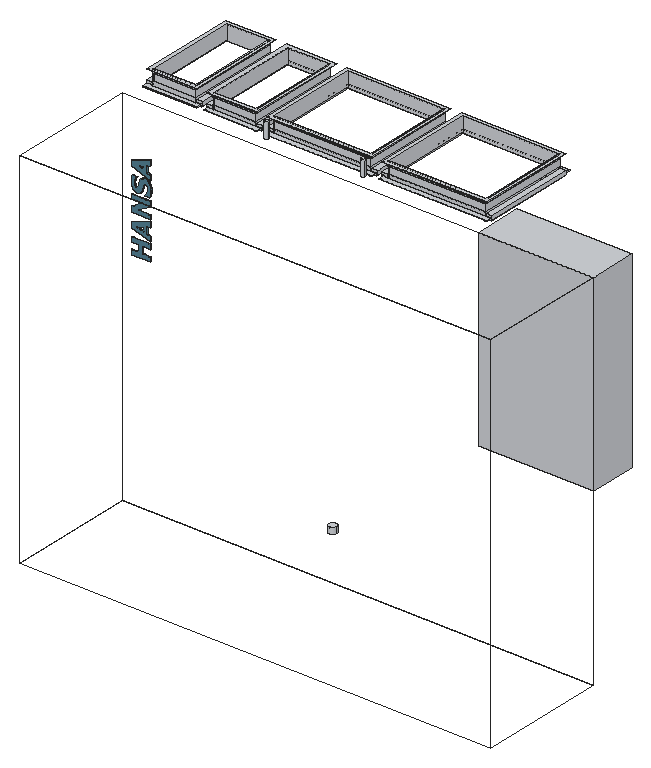
Revit family "KL-P-015-iK-L", category HLS-Bauteile, Revit 2020
Family settings
  Bemaßung runder Anschluss = Durchmesser verwenden
  Klassifizierung = Keine
  Teiletyp = Normal
  Arbeitsebenenbasiert = Nein
  Immer vertikal = Ja
  Beim Laden mit Abzugskörper schneiden = Nein
  Gemeinsam genutzt = Nein
  Raumberechnungspunkt = Nein
Parameters
  Zuluftbreite [instance] = 505 mm  # constant formula
  Vorgabe-Ansicht = 0 mm
  TyS [instance] = size_lookup("TyS_Hansa_KL_P", "", "ND", RLT_Serie, Gehaeuserichtung, Gehaeuseausfuehrung, RLT_MSR_KZ)  # "KL-P-015-iK-L-eCO"
  Schaltschrankbreite [instance] = 600 mm
  Schaltschrank_montiert [instance] = yes
  SSaG [instance] = and(or(Regelung SAIA, Regelung OJ), Schaltschrank_montiert)  # yes
  Regelung SAIA [instance] = no
  Regelung OJ [instance] = yes
  RLT_Volumenstrom_max = 1500 m³/h  # constant formula
  RLT_Volumenstrom_Unit_2 [instance] = 1500 m³/h
  RLT_Volumenstrom_Unit_1 [instance] = 1500 m³/h
  RLT_Typenschlüssel [instance] = TyS  # "KL-P-015-iK-L-eCO"
  RLT_Serie = "KL-P-015-iK"  # constant formula
  RLT_Material_außen [instance] = Stahlblech verzinkt + RAL 9002
  RLT_MSR_KZ [instance] = if(Regelung SAIA, "eCS", if(Regelung OJ, "eCO", "-"))  # "eCO"
  RLT_Länge [instance] = L  # 1860 mm
  RLT_Höhe = H  # 1790 mm
  RLT_Gewicht [instance] = size_lookup("TD_Hansa_KL_P", "Gewicht", 0 mm, TyS) / 1 mm * 1.00 kg  # 0.00 kg
  RLT_Breite = B  # 670 mm
  Modell = "KL-P-015-iK-L"  # constant formula
  L2 = 1230 mm  # constant formula
  L1 = 630 mm  # constant formula
  L = L1 + L2  # 1860 mm
  Kanaltiefe [instance] = RLT_Breite - 190 mm  # 480 mm
  Hersteller = "Hansa"  # constant formula
  H = 1790 mm  # constant formula
  GeräteOK [instance] = H + Fuß  # 1910 mm
  Gehaeuserichtung [instance] = "L"  # constant formula
  Gehaeuseausfuehrung [instance] = "ungeteilt"  # constant formula
  GD_Spannung [instance] = 230 V
  GD_Phasen [instance] = 1
  GD_Nennstrom [instance] = 0 A
  GD_Anschlussleistung [instance] = 0 W
  Fuß [instance] = 120 mm  # constant formula
  Fortluftbreite = 220 mm  # constant formula
  Bedienzone [instance] = yes
  Baugruppe [instance] = "RLT-Gerät"  # constant formula
  BZl [instance] = if(and(or(Regelung SAIA, Regelung OJ), Schaltschrank_montiert), L + Schaltschrankbreite, L)  # 2460 mm
  B = 670 mm  # constant formula
  Außenluftbreite = 220 mm  # constant formula
  Abluftbreite [instance] = 505 mm  # constant formula
Reference planes
  plane 1 "Mitte (Vorne/hinten)": y = 0
  plane 2: z = 0
  plane 3 "Mitte (Links/rechts)": x = 0
  plane 4: x = -930
  plane 5: x = 930
  plane 6 "GV": y = -335
  plane 7 "GH": y = 335
  plane 8 "OKG": z = 1910
  plane 9: y = 272.5
  plane 10: y = -312.5
  plane 11: x = -867.5
  plane 12: x = 867.5
  plane 13: x = -647.5
  plane 14: x = -552.5
  plane 15: x = -332.5
  plane 16: x = 362.5
  plane 17: x = 267.5
  plane 18: x = -237.5
  plane 19: z = 1990
  plane 20 "UKG": z = 120
  plane 21: y = -85
  plane 22: y = -125
  plane 23: z = 90
  plane 24: y = -259
  plane 25: x = -300
  plane 26: y = -1005
  plane 27: x = 1530
Forms (mm)
  Extrusion 1, solid, visible <- "SSaG"
    sketch origin (-51.559, 0, -70) x (1, 0, 0) y (0, 0, 1)
      loop
        line (981.559, 1980) -> (981.559, 980) -> (1581.559, 980) -> (1581.559, 1980) -> (981.559, 1980)
    from 335 to 85
  Extrusion 2, solid
    sketch origin (0, 0, 0) x (1, 0, 0) y (0, 1, 0)
      loop
        circle (0, -125) r 20
    from 120 to 90
  Extrusion 3, solid
    sketch origin (0, 0, 0) x (1, 0, 0) y (0, 1, 0)
      loop
        circle (-237.5, -259) r 10
      loop
        circle (267.5, -259) r 10
    from 1990 to 1910
  Extrusion 4, solid, material "Glas - klar", visible <- "Bedienzone"
    sketch origin (0, 0, 0) x (1, 0, 0) y (0, 1, 0)
      loop
        line (-930, -335) -> (-930, -1005) -> (1530, -1005) -> (1530, -335) -> (-930, -335)
    from 1910 to 0
Dimensions and locks
  equal spacing: plane 4, plane 3 "Mitte (Links/rechts)", plane 5
  "L": plane 4 to plane 5
  "B": plane 7 "GH" to plane 6 "GV"
  locked: plane 7 "GH" to plane 9 at 62.5
  locked: plane 4 to plane 11 at 62.5
  locked: plane 12 to plane 5 at 62.5
  "Fortluftbreite": plane 11 to plane 13
  locked: plane 13 to plane 14 at 95
  "Außenluftbreite": plane 14 to plane 15
  "Abluftbreite": plane 16 to plane 12
  locked: plane 17 to plane 16 at 95
  "Zuluftbreite": plane 18 to plane 17
  plane 15 to plane 18 = 95 mm
  locked: nested 3 to plane 16 at 95
  "Fuß": plane 20 "UKG" to level
  plane 19 to plane 8 "OKG" = 80 mm
  locked: plane 4 to nested 1 at 62.5
  locked: plane 13 to nested 2 at 95
  locked: nested 4 to plane 5 at 62.5
  Extrusion 1 to plane 5 = 600 mm
  "RLT_Höhe": plane 8 "OKG" to plane 20 "UKG"
  equal spacing: plane 7 "GH", plane 1 "Mitte (Vorne/hinten)", plane 6 "GV"
  locked: plane 6 "GV" to plane 21 at 250
  locked: plane 6 "GV" to plane 22 at 210
  plane 20 "UKG" to plane 23 = 30 mm
  locked: plane 24 to plane 6 "GV" at 76
  "L1": plane 4 to plane 25
  "B": plane 26 to plane 6 "GV"
  "BZl": Extrusion 4 to Extrusion 4
  "Schaltschrankbreite": plane 5 to plane 27
  aligned and locked: level to plane 2
  aligned and locked: Extrusion 1 to plane 5
  aligned and locked: Extrusion 1 to plane 8 "OKG"
  aligned and locked: plane 6 "GV" to Extrusion 1
  aligned and locked: plane 21 to Extrusion 1
  aligned and locked: plane 20 "UKG" to Extrusion 2
  aligned and locked: Extrusion 2 to plane 23
  aligned and locked: Extrusion 3 to plane 8 "OKG"
  aligned and locked: plane 19 to Extrusion 3
  aligned and locked: plane 4 to Extrusion 4
  aligned and locked: Extrusion 4 to plane 6 "GV"
  aligned and locked: Extrusion 4 to plane 26
  aligned and locked: plane 8 "OKG" to Extrusion 4
  aligned and locked: plane 27 to Extrusion 1
  aligned and locked: plane 7 "GH" to nested 6
  aligned and locked: plane 4 to nested 6
Automatic sketch dimensions
  plane 5 to Extrusion 1 sketch curve = 0 mm
  Extrusion 1 sketch curve to plane 8 "OKG" = 0 mm
  plane 5 to Extrusion 1 sketch curve = 600 mm
  plane 20 "UKG" to Extrusion 1 sketch curve = 790 mm
  Extrusion 2 sketch curve to plane 3 "Mitte (Links/rechts)" = 0 mm
  Extrusion 2 sketch curve to plane 22 = 0 mm
  Extrusion 3 sketch curve to plane 18 = 0 mm
  Extrusion 3 sketch curve to plane 17 = 0 mm
  Extrusion 3 sketch curve to plane 24 = 0 mm  (x2)
  Extrusion 4 sketch curve to plane 4 = 0 mm
  plane 5 to Extrusion 4 sketch curve = 600 mm
  Extrusion 4 sketch curve to plane 26 = 0 mm
  plane 6 "GV" to Extrusion 4 sketch curve = 0 mm
  radius of Extrusion 2 sketch curve = 20 mm
  radius of Extrusion 3 sketch curve = 10 mm  (x2)
Nested families
  nested 1: "Kanalstutzen" at (-757.5, 29.209, 1910) x (1, 0, 0) z (0, -1, 0), 2570_EST_Breite <- "Fortluftbreite", 2571_EST_Höhe <- "Kanaltiefe", built-in parameter 1001360 <- "GeräteOK", type "Kanalstutzen"
    with Tiefe 80 mm, RahmenG2 20 mm, RahmenG1 30 mm, Höhe 480 mm, Breite 220 mm, 2572_EST_Tiefe 80 mm, 2571_EST_Höhe 480 mm, 2570_EST_Breite 220 mm, 1966_EST_Rahmentyp ""
  nested 2: "Kanalstutzen" at (-442.5, 29.209, 1910) x (1, 0, 0) z (0, -1, 0), 2570_EST_Breite <- "Außenluftbreite", 2571_EST_Höhe <- "Kanaltiefe", built-in parameter 1001360 <- "GeräteOK", type "Kanalstutzen"
    with Tiefe 80 mm, RahmenG2 20 mm, RahmenG1 30 mm, Höhe 480 mm, Breite 220 mm, 2572_EST_Tiefe 80 mm, 2571_EST_Höhe 480 mm, 2570_EST_Breite 220 mm, 1966_EST_Rahmentyp ""
  nested 3: "Kanalstutzen" at (15, 29.209, 1910) x (1, 0, 0) z (0, -1, 0), 2570_EST_Breite <- "Zuluftbreite", 2571_EST_Höhe <- "Kanaltiefe", built-in parameter 1001360 <- "GeräteOK", type "Kanalstutzen"
    with Tiefe 80 mm, RahmenG2 20 mm, RahmenG1 30 mm, Höhe 480 mm, Breite 505 mm, 2572_EST_Tiefe 80 mm, 2571_EST_Höhe 480 mm, 2570_EST_Breite 505 mm, 1966_EST_Rahmentyp ""
  nested 4: "Kanalstutzen" at (615, 29.209, 1910) x (1, 0, 0) z (0, -1, 0), 2570_EST_Breite <- "Abluftbreite", 2571_EST_Höhe <- "Kanaltiefe", built-in parameter 1001360 <- "GeräteOK", type "Kanalstutzen"
    with Tiefe 80 mm, RahmenG2 20 mm, RahmenG1 30 mm, Höhe 480 mm, Breite 505 mm, 2572_EST_Tiefe 80 mm, 2571_EST_Höhe 480 mm, 2570_EST_Breite 505 mm, 1966_EST_Rahmentyp ""
  nested 5: "Hansa_Aufkleber_klein" at (-780, -335, 1390) x (0, 0, 1) z (0, -1, 0), type "Hansa_Aufkleber_klein"
  nested 6: "P-015-L_ipt" at (0, 0, 0), type "Norm"
Connectors
  hvac at (-757.5, 29.209, 1989), driven by "RLT_Volumenstrom_Unit_2", driven by "Fortluftbreite", driven by "Kanaltiefe"
    settings: on nested 1, index 1, duct flow 1500 m³/h, flow factor 0, pres drop 0.0 Pa, loss coef 0, conn angle 0.00°, conn width 220 mm, conn height 480 mm, conn diameter 609.6 mm, duct sys type 3, conn prof type 1, flow config 1, flow direction 2, loss method 0, conn ref index -1, conn util no, is conn primary yes, conn desc ""
  hvac at (-442.5, 29.209, 1989), driven by "RLT_Volumenstrom_Unit_1", driven by "Außenluftbreite", driven by "Kanaltiefe"
    settings: on nested 2, index 2, duct flow 1500 m³/h, flow factor 0, pres drop 0.0 Pa, loss coef 0, conn angle 0.00°, conn width 220 mm, conn height 480 mm, conn diameter 609.6 mm, duct sys type 1, conn prof type 1, flow config 1, flow direction 1, loss method 0, conn ref index -1, conn util no, is conn primary no, conn desc ""
  hvac at (15, 29.209, 1989), driven by "RLT_Volumenstrom_Unit_1", driven by "Zuluftbreite", driven by "Kanaltiefe"
    settings: on nested 3, index 3, duct flow 1500 m³/h, flow factor 0, pres drop 0.0 Pa, loss coef 0, conn angle 0.00°, conn width 505 mm, conn height 480 mm, conn diameter 609.6 mm, duct sys type 1, conn prof type 1, flow config 0, flow direction 2, loss method 0, conn ref index -1, conn util no, is conn primary no, conn desc ""
  hvac at (615, 29.209, 1989), driven by "RLT_Volumenstrom_Unit_2", driven by "Abluftbreite", driven by "Kanaltiefe"
    settings: on nested 4, index 4, duct flow 1500 m³/h, flow factor 0, pres drop 0.0 Pa, loss coef 0, conn angle 0.00°, conn width 505 mm, conn height 480 mm, conn diameter 609.6 mm, duct sys type 2, conn prof type 1, flow config 0, flow direction 1, loss method 0, conn ref index -1, conn util no, is conn primary no, conn desc ""
  piping at (0, -125, 90), diameter 40
    settings: on Extrusion 2, index 5, connector inside diameter 609.6 mm, connector length 0 mm, flow factor 0, pipe flow 0.0 L/s, pressure drop 0.0 Pa, fitting loss kfactor 0, connector angle 0.00°, fixture units 0, engagement length 0 mm, angle of deflection 0.00°, flow configuration 0, flow direction 2, fitting loss method 0, system type 16, joint type 0, gender type 0, connector reference index -1, connector utility 0, adjustable connector no, is connector primary yes, connector description ""
  piping at (-237.5, -259, 1990), diameter 20
    settings: on Extrusion 3, index 6, connector inside diameter 609.6 mm, connector length 0 mm, flow factor 0, pipe flow 0.0 L/s, pressure drop 0.0 Pa, fitting loss kfactor 0, connector angle 0.00°, fixture units 0, engagement length 0 mm, angle of deflection 0.00°, flow configuration 0, flow direction 1, fitting loss method 0, system type 7, joint type 0, gender type 0, connector reference index -1, connector utility 0, adjustable connector no, is connector primary no, connector description ""
  piping at (267.5, -259, 1990), diameter 20
    settings: on Extrusion 3, index 7, connector inside diameter 609.6 mm, connector length 0 mm, flow factor 0, pipe flow 0.0 L/s, pressure drop 0.0 Pa, fitting loss kfactor 0, connector angle 0.00°, fixture units 0, engagement length 0 mm, angle of deflection 0.00°, flow configuration 0, flow direction 2, fitting loss method 0, system type 19, joint type 0, gender type 0, connector reference index -1, connector utility 0, adjustable connector no, is connector primary no, connector description ""
Definition of nested family "Kanalstutzen"
  Parameters (values of type "Kanalstutzen")
    Default Elevation = 0 mm
    Tiefe [instance] = [2572_EST_Tiefe]  # 80 mm
    RahmenG2 [instance] = 20 mm
    RahmenG1 [instance] = 30 mm
    Höhe [instance] = [2571_EST_Höhe]  # 500 mm
    Manufacturer = "Hansa"
    Breite [instance] = [2570_EST_Breite]  # 1000 mm
    Description = "Durchbruchsverkleidung"
    2572_EST_Tiefe [instance] = 80 mm
    2571_EST_Höhe [instance] = 500 mm
    2570_EST_Breite [instance] = 1000 mm
    1966_EST_Rahmentyp [instance] = ""
  Reference planes
    plane 1 "Mitte (Vorne/hinten)": y = 0
    plane 2: z = 0
    plane 3 "Mitte (Links/rechts)": x = 0
    plane 4: x = -500
    plane 5: x = 500
    plane 6 "hinten": y = 80
    plane 7: z = 250
    plane 8: z = -250
    plane 9 "R1links": x = -530
    plane 10 "R1rechts": x = 530
    plane 11 "R2links": x = -520
    plane 12 "R2rechts": x = 520
    plane 13 "R1oben": z = 280
    plane 14 "R1unten": z = -280
    plane 15: z = -270
    plane 16: z = 270
  Forms (mm)
    Sweep 1, solid
      path origin (0, 0, 0) x (1, 0, 0) y (0, 0, 1)
        loop
          line (-500, 250) -> (-500, -250) -> (500, -250) -> (500, 250) -> (-500, 250)
      profile origin (0, 0, 250) x (0, 0, 1) y (0, -1, 0)
        loop
          line (0, -40) -> (0, -80) -> (20, -80) -> (20, -79) -> (1.999, -79) -> (1.999, -59) -> (0.962, -59) -> (0.962, -21.406) -> (1.999, -21.406) -> (1.999, -1.406) -> (30, -1.406) -> (30, 0) -> (0, 0) -> (0, -40)
  Dimensions and locks
    equal spacing: plane 4, plane 3 "Mitte (Links/rechts)", plane 5
    "Breite": plane 4 to plane 5
    equal spacing: plane 7, level, plane 8
    "Höhe": plane 7 to plane 8
    "RahmenG1": plane 9 "R1links" to plane 4
    "RahmenG1": plane 5 to plane 10 "R1rechts"
    "RahmenG2": plane 11 "R2links" to plane 4
    "RahmenG2": plane 5 to plane 12 "R2rechts"
    "RahmenG1": plane 13 "R1oben" to plane 7
    "RahmenG1": plane 8 to plane 14 "R1unten"
    "RahmenG2": plane 16 to plane 7
    "RahmenG2": plane 8 to plane 15
    Sweep 1 sketch curve to Sweep 1 sketch curve = 1.406 mm
    Sweep 1 sketch curve to Sweep 1 sketch curve = 1 mm
    Sweep 1 sketch curve to Sweep 1 sketch curve = 0.962 mm
    "2572_EST_Tiefe": plane 6 "hinten" to plane 1 "Mitte (Vorne/hinten)"
    aligned and locked: level to plane 2
    aligned and locked: plane 16 to Sweep 1 sketch curve
    aligned and locked: plane 13 "R1oben" to Sweep 1 sketch curve
    aligned and locked: plane 1 "Mitte (Vorne/hinten)" to Sweep 1
    aligned and locked: plane 1 "Mitte (Vorne/hinten)" to nested 1
    aligned and locked: nested 1 to plane 10 "R1rechts"
    aligned and locked: nested 2 to plane 9 "R1links"
    aligned and locked: plane 8 to nested 2
    aligned and locked: nested 1 to plane 8
  Automatic sketch dimensions
    plane 4 to Sweep 1 sketch curve = 0 mm
    plane 5 to Sweep 1 sketch curve = 0 mm
    Sweep 1 sketch curve to plane 8 = 0 mm
    Sweep 1 sketch curve to plane 7 = 0 mm
    Sweep 1 sketch curve to plane 1 "Mitte (Vorne/hinten)" = 0 mm
    profile plane to Sweep 1 sketch curve = 0 mm
    Sweep 1 sketch curve to profile plane = 1.999 mm  (x2)
    Sweep 1 sketch curve to Sweep 1 sketch curve = 20 mm  (x2)
    Sweep 1 sketch curve to Sweep 1 sketch curve = 18.594 mm
    Sweep 1 sketch curve to Sweep 1 sketch curve = 19 mm
  Nested families
    nested 1: "EGJK30" at (520, 0, -250), L <- "Höhe", type "EGJK30"
      with L 500 mm
    nested 2: "EGJK30" at (-520, 0, -250) x (-1, 0, 0) z (0, 0, 1), L <- "Höhe", type "EGJK30"
      with L 500 mm
  Definition of nested family "EGJK30"
    Parameters (values of type "EGJK30")
      Default Elevation = 0 mm
      L [instance] = 1000 mm
    Reference planes
      plane 1 "Mitte (Vorne/hinten)": y = 0
      plane 2: z = 0
      plane 3 "Mitte (Links/rechts)": x = 0
    Forms (mm)
      Extrusion 1, solid
        sketch origin (16.67, -35.46, 0) x (1, 0, 0) y (0, 1, 0)
          loop
            line (-26.67, 25.46) -> (-6.67, 25.46) -> (-6.67, 30.46) -> (-1.67, 30.46) -> (-1.67, 50.46) -> (-34.67, 50.46) -> (-34.67, 38.46) -> (-5.67, 38.46) -> (-5.67, 35.46) -> (-25.67, 35.46) -> (-25.67, 36.96) -> (-34.67, 36.96) -> (-34.67, 33.96) -> (-26.67, 25.46)
        from 0 to 1000
    Dimensions and locks
      "L": Extrusion 1 to Extrusion 1
      aligned and locked: level to plane 2
    Automatic sketch dimensions
      plane 1 "Mitte (Vorne/hinten)" to Extrusion 1 sketch curve = 0 mm
      Extrusion 1 sketch curve to plane 3 "Mitte (Links/rechts)" = 18 mm
      plane 1 "Mitte (Vorne/hinten)" to Extrusion 1 sketch curve = 1.5 mm
      Extrusion 1 sketch curve to Extrusion 1 sketch curve = 0 mm
      Extrusion 1 sketch curve to plane 3 "Mitte (Links/rechts)" = 10 mm
      Extrusion 1 sketch curve to plane 3 "Mitte (Links/rechts)" = 9 mm
      plane 1 "Mitte (Vorne/hinten)" to Extrusion 1 sketch curve = 5 mm
      plane 3 "Mitte (Links/rechts)" to Extrusion 1 sketch curve = 10 mm
      Extrusion 1 sketch curve to Extrusion 1 sketch curve = 1 mm
      Extrusion 1 sketch curve to Extrusion 1 sketch curve = 5 mm
      plane 1 "Mitte (Vorne/hinten)" to Extrusion 1 sketch curve = 10 mm
      Extrusion 1 sketch curve to plane 1 "Mitte (Vorne/hinten)" = 1.5 mm
      Extrusion 1 sketch curve to Extrusion 1 sketch curve = 1.5 mm
      Extrusion 1 sketch curve to Extrusion 1 sketch curve = 12 mm
Definition of nested family "Hansa_Aufkleber_klein"
  Parameters (values of type "Hansa_Aufkleber_klein")
    Default Elevation = 1219.2 mm
  Reference planes
    plane 1 "Mitte (Vorne/hinten)": y = 0
    plane 2: z = 0
    plane 3 "Mitte (Links/rechts)": x = 0
  Forms (mm)
    Extrusion 1, solid, detail levels medium+fine
      sketch origin (6.994, -10.767, 0) x (1, 0, 0) y (0, 1, 0)
        loop
          line (-226.694, 10.767) -> (-201.573, 10.767) -> (-201.573, 55.095) -> (-167.456, 55.095) -> (-167.456, 10.767) -> (-142.335, 10.767) -> (-142.335, 110.767) -> (-167.456, 110.767) -> (-167.456, 74.138) -> (-201.573, 74.138) -> (-201.573, 110.767) -> (-226.694, 110.767) -> (-226.694, 10.767)
        loop
          line (202.074, 82.404) -> (191.782, 49.341) -> (212.284, 49.341) -> (202.074, 82.404)
        loop
          line (188.703, 110.767) -> (154.91, 10.767) -> (180.032, 10.767) -> (186.353, 31.189) -> (217.795, 31.189) -> (224.035, 10.767) -> (249.886, 10.767) -> (216.093, 110.767) -> (188.703, 110.767)
        loop
          line (34.084, 10.767) -> (58.233, 10.767) -> (58.233, 110.767) -> (35.299, 110.767) -> (35.299, 53.474) -> (3.37, 110.767) -> (-27.424, 110.767) -> (-27.424, 10.767) -> (-4.49, 10.767) -> (-4.49, 80.459) -> (34.084, 10.767)
        loop
          line (-85.203, 82.404) -> (-95.495, 49.341) -> (-74.993, 49.341) -> (-85.203, 82.404)
        loop
          line (-98.575, 110.767) -> (-132.367, 10.767) -> (-107.245, 10.767) -> (-100.925, 31.189) -> (-69.482, 31.189) -> (-63.242, 10.767) -> (-37.391, 10.767) -> (-71.184, 110.767) -> (-98.575, 110.767)
        loop
          line (73.143, 16.683) -> (80.903, 13.695) -> (89.27, 11.213) -> (93.783, 10.238) -> (98.65, 9.542) -> (103.872, 9.124) -> (109.448, 8.984) -> (114.303, 9.126) -> (118.902, 9.552) -> (123.243, 10.261) -> (127.327, 11.253) -> (131.154, 12.53) -> (134.724, 14.09) -> (138.037, 15.933) -> (141.093, 18.061) -> (143.838, 20.421) -> (146.216, 22.963) -> (148.229, 25.688) -> (149.876, 28.595) -> (151.156, 31.685) -> (152.071, 34.957) -> (152.62, 38.411) -> (152.803, 42.048) -> (152.724, 44.578) -> (152.487, 46.981) -> (152.091, 49.257) -> (151.537, 51.407) -> (150.825, 53.431) -> (149.954, 55.328) -> (148.925, 57.098) -> (147.738, 58.741) -> (144.874, 61.745) -> (141.346, 64.434) -> (137.155, 66.81) -> (132.301, 68.871) -> (127.124, 70.542) -> (122.293, 71.829) -> (112.609, 74.057) -> (109.035, 74.977) -> (106.095, 75.952) -> (103.788, 76.982) -> (102.114, 78.069) -> (100.927, 79.287) -> (100.078, 80.713) -> (99.569, 82.346) -> (99.4, 84.187) -> (99.506, 85.453) -> (99.825, 86.659) -> (100.357, 87.803) -> (101.101, 88.887) -> (102.965, 90.731) -> (105.153, 92.048) -> (107.99, 93.142) -> (110.664, 93.83) -> (113.439, 94.195) -> (116.579, 94.317) -> (120.768, 94.112) -> (124.906, 93.496) -> (128.993, 92.471) -> (133.03, 91.035) -> (136.889, 89.3) -> (140.445, 87.378) -> (143.697, 85.268) -> (146.644, 82.971) -> (148.832, 82.971) -> (148.832, 105.824) -> (145.231, 107.285) -> (141.397, 108.589) -> (137.33, 109.737) -> (133.03, 110.727) -> (128.608, 111.524) -> (124.177, 112.094) -> (119.735, 112.436) -> (115.283, 112.55) -> (110.919, 112.414) -> (106.741, 112.006) -> (102.749, 111.325) -> (98.944, 110.372) -> (95.324, 109.147) -> (91.891, 107.65) -> (88.644, 105.88) -> (85.583, 103.839) -> (82.8, 101.578) -> (80.389, 99.151) -> (78.348, 96.559) -> (76.679, 93.8) -> (75.38, 90.876) -> (74.453, 87.786) -> (73.896, 84.53) -> (73.711, 81.108) -> (74.025, 76.136) -> (74.967, 71.596) -> (76.537, 67.486) -> (78.735, 63.806) -> (80.094, 62.119) -> (81.657, 60.522) -> (83.426, 59.014) -> (85.4, 57.597) -> (87.58, 56.269) -> (89.964, 55.031) -> (92.553, 53.884) -> (95.348, 52.826) -> (100.625, 51.195) -> (106.247, 49.868) -> (111.869, 48.642) -> (117.147, 47.315) -> (119.104, 46.707) -> (120.925, 45.937) -> (122.609, 45.006) -> (124.156, 43.912) -> (125.451, 42.645) -> (126.375, 41.197) -> (126.929, 39.566) -> (127.114, 37.753) -> (127, 36.17) -> (126.658, 34.744) -> (126.089, 33.475) -> (125.291, 32.364) -> (123.275, 30.53) -> (120.874, 29.163) -> (118.413, 28.312) -> (115.242, 27.704) -> (112.052, 27.339) -> (109.529, 27.218) -> (105.242, 27.433) -> (100.889, 28.079) -> (96.47, 29.155) -> (91.985, 30.662) -> (87.561, 32.569) -> (83.324, 34.845) -> (79.274, 37.492) -> (75.413, 40.508) -> (73.143, 40.508) -> (73.143, 16.683)
      from 0 to 2
  Dimensions and locks
    aligned and locked: level to plane 2
Definition of nested family "P-015-L_ipt"
  Parameters (values of type "Norm")
    Default Elevation = 0 mm
  Reference planes
    plane 1 "Mitte (Vorne/Hinten)": y = 0
    plane 2: z = 0
    plane 3 "Mitte (Links/Rechts)": x = 0
  Dimensions and locks
    aligned and locked: level to plane 2
